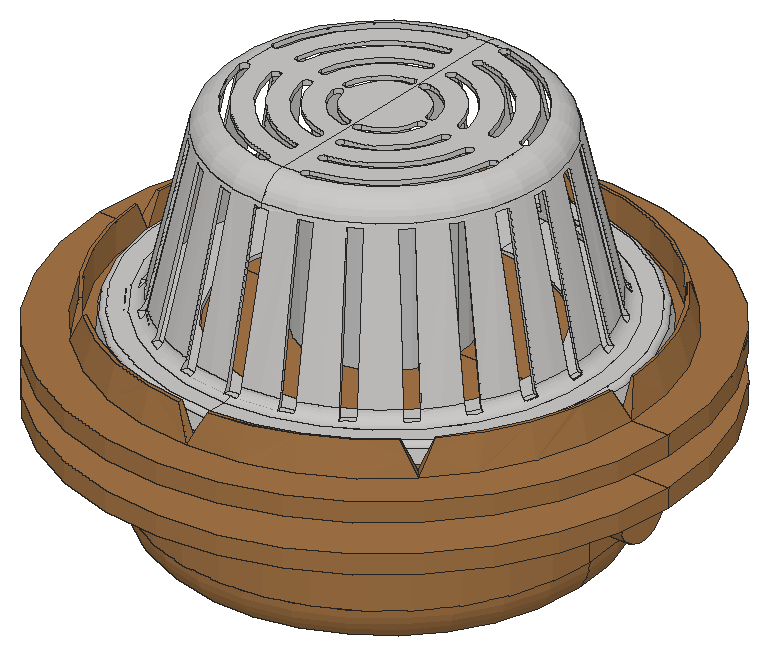
Revit family "Drain_Floor-Jay R.Smith-Round_Type-1074X_Series", category Plumbing Fixtures, Revit 2019
Family settings
  Round Connector Dimension = Use Radius
  Part Type = Normal
  OmniClass Number = 23.70.50.21.24
  OmniClass Title = Waste Water Drains
  Work Plane-Based = Yes
  Always vertical = Yes
  Cut with Voids When Loaded = No
  Shared = No
  Room Calculation Point = No
Parameters (values of type "1074L02")
  Void Height = 1/4"
  Vandal Proof Dome -U = no
  Underdeck Clamp -C = no
  Sump Receiver -R = no
  Secondary Flashing Clamp -C2 = no
  Rough Bronze Dome -RBD = no
  Position Height (XX) = 0"
  Waste Connection = yes
  Vent Connection = no
  URL = "http://www.jrsmith.com"
  Trap Primer Connection Radius = Trap Primer Connection Diameter / 2  # 1/4"
  Trap Primer Connection Diameter = 1/2"
  T - Threaded Outlet = no
  Strainer Radius = Strainer Diameter / 2  # 1 1/2"
  Strainer Diameter = 3"
  Product Page URL = "https://www.jrsmith.com/overflow-drain-standpipe-1070"
  Outlet Radius = Outlet Diameter / 2  # 1"
  Outlet Diameter = 2"
  Model = "1074L02"
  Material = "Cast Iron-Jay R. Smith-Duco Coated"  # constant formula
  Manufacturer = "Jay R. Smith"  # constant formula
  LXH - Speedi-Set Extra Heavy - 02"(50), 03"(75) & 04"(100) sizes only = no
  L - Speedi-Set Service Weight - 02"(50), 03"(75) & 04"(100) sizes only = no
  Installation Type = "Floor Mounted"  # constant formula
  IAPMO Compliance = "Meets ASME Standard A112.6.3-2001-02(50), 03(75) or 04\"(100) sizes only"
  HW Connection = no
  Galvanized Cast Iron Dome -CIDG = no
  Galvanized Cast Iron Body & Collar -G = no
  Finish = Cast Iron-Jay R. Smith-Duco Coated
  Expansion Joint (Specify Fig. 1710) = no
  E06, 6"(150) = no
  E04, 4"(100) = no
  E02, 2"(51) = no
  Dome Material = Plastic-Jay R. Smith-Polyethene
  Diameter = 15 1/4"  # constant formula
  Description = "Large General Pupose Roof Drain Adjustable Top with Standpipe"  # constant formula
  Default Elevation = 0"
  Connection Type = "2\" Speedi-Set Outlet Connection"
  XX Min Max [instance] = if([Position Height (XX)] < 1 1/4", 1 1/4", if([Position Height (XX)] > 4", 4", [Position Height (XX)]))  # 1 1/4"
  Cast Iron Standpipe -CIS = no
  Cast Iron Dome -CID = no
  CW Connection = no
  Bronze Standpipe -BZS = no
  B = 4"
  Assembly Code = "D2030300"
  Aluminum Dome -AD = no
  "L" Shaped Underdeck Clamp -CL = no
Types (21): name | Void Height | Position Height (XX) | Strainer Radius | Strainer Diameter | Outlet Radius | Outlet Diameter | Model | Connection Type | XX Min Max | B
  1074Y02 | 3/4" | 1" | 2" | 4" | 1" | 2" | "1074Y02" | "2\" No-HUB Outlet Connection" | 1 1/4" | 4"
  1074Y03 | 1/4" | 0" | 1 1/2" | 3" | 1 1/2" | 3" | "1074Y03" | "3\" No-HUB Outlet Connection" | 1 1/4" | 4"
  1074Y04 | 1/4" | 0" | 1 1/2" | 3" | 2" | 4" | "1074Y04" | "4\" No-HUB Outlet Connection" | 1 1/4" | 4"
  1074Y05 | 1/4" | 0" | 1 1/2" | 3" | 2 1/2" | 5" | "1074Y05" | "5\" No-HUB Outlet Connection" | 1 1/4" | 6"
  1074Y06 | 1/4" | 1" | 1 1/2" | 3" | 3" | 6" | "1074Y06" | "6\" No-HUB Outlet Connection" | 1 1/4" | 6"
  1074L04 | 3/4" | 1" | 2" | 4" | 2" | 4" | "1074L04" | "4\" Speedi-Set Outlet Connection" | 1 1/4" | 4"
  1074L03 | 3/4" | 2" | 2" | 4" | 1 1/2" | 3" | "1074L03" | "3\" Speedi-Set Outlet Connection" | 2" | 4"
  1074L02 | 1/4" | 0" | 1 1/2" | 3" | 1" | 2" | "1074L02" | "2\" Speedi-Set Outlet Connection" | 1 1/4" | 4"
  1074Y08 | 1/4" | 1" | 1 1/2" | 3" | 4" | 8" | "1074Y08" | "8\" No-HUB Outlet Connection" | 1 1/4" | 8"
  1074C02 | 3/4" | 6" | 2" | 4" | 1" | 2" | "1074C02" | "2\" Caulk Outlet Connection" | 4" | 4"
  1074C03 | 1/4" | 0" | 1 1/2" | 3" | 1 1/2" | 3" | "1074C03" | "3\" Caulk Outlet Connection" | 1 1/4" | 4"
  1074C04 | 1/4" | 0" | 1 1/2" | 3" | 2" | 4" | "1074C04" | "4\" Caulk Outlet Connection" | 1 1/4" | 4"
  1074C05 | 1/4" | 0" | 1 1/2" | 3" | 2 1/2" | 5" | "1074C05" | "5\" Caulk Outlet Connection" | 1 1/4" | 6"
  1074C06 | 1/4" | 1" | 1 1/2" | 3" | 3" | 6" | "1074C06" | "6\" Caulk Outlet Connection" | 1 1/4" | 6"
  1074C08 | 1/4" | 1" | 1 1/2" | 3" | 4" | 8" | "1074C08" | "8\" Caulk Outlet Connection" | 1 1/4" | 8"
  1074T02 | 3/4" | 6" | 2" | 4" | 1" | 2" | "1074T02" | "2\" Threaded Outlet Connection" | 4" | 4"
  1074T03 | 1/4" | 0" | 1 1/2" | 3" | 1 1/2" | 3" | "1074T03" | "3\" Threaded Outlet Connection" | 1 1/4" | 4"
  1074T04 | 1/4" | 0" | 1 1/2" | 3" | 2" | 4" | "1074T04" | "4\" Threaded Outlet Connection" | 1 1/4" | 4"
  1074T05 | 1/4" | 0" | 1 1/2" | 3" | 2 1/2" | 5" | "1074T05" | "5\" Threaded Outlet Connection" | 1 1/4" | 6"
  1074T06 | 1/4" | 1" | 1 1/2" | 3" | 3" | 6" | "1074T06" | "6\" Threaded Outlet Connection" | 1 1/4" | 6"
  1074T08 | 1/4" | 6" | 1 1/2" | 3" | 4" | 8" | "1074T08" | "8\" Threaded Outlet Connection" | 4" | 8"
Reference planes (in)
  plane 1 "Center (Front/Back)": y = 0
  plane 2: z = 0
  plane 3 "Center (Left/Right)": x = -0.54782
  plane 4: x = -8.17282
  plane 5: x = 7.07718
  plane 6: x = -2.04782
  plane 7: x = 0.95218
  plane 8: z = 0
  plane 9: z = 0
  plane 10: z = -5
  plane 11: z = 1.25
  plane 12: x = 1.085
  plane 13: x = -2.18063
  plane 14: x = -2.68063
  plane 15: x = 1.585
  plane 16: y = 7.625
  plane 17: y = -7.625
  plane 18: z = 2.75
  plane 19: x = -6.04782
  plane 20: z = -3.75
  plane 21: x = 1.45218
  plane 22: x = -2.54782
  plane 23: z = 4.75
  plane 24: z = 6.5
Forms (in)
  Revolve 1, solid, material "Cast Iron-Jay R. Smith-Duco Coated" <- "Finish"
    sketch origin (0, 0, -1) x (1, 0, 0) y (0, 0, 1)
      loop
        arc (-1.84469, -3.875) -> (-1.80808, -3.96339) -> (-1.71969, -4) r 0.125
        line (-1.71969, -4) -> (-1.54782, -4) -> (-1.54782, -0.25) -> (-0.54782, -0.25) -> (-0.54782, 2.25) -> (-6.88568, 2.25) -> (-6.88568, 3.05738) -> (-6.95648, 3.05738) -> (-7.17282, 2.25) -> (-8.17282, 2.25) -> (-8.17282, 1.75) -> (-6.40163, 1.20849) -> (-5.15163, 1.20849) -> (-5.15163, 1) -> (-8.17282, 1) -> (-8.17282, 0.5) -> (-6.40163, -0.04151)
        arc (-6.40163, -0.04151) -> (-6.14589, -0.22225) -> (-6.04782, -0.51966) r 0.5
        line (-6.04782, -0.51966) -> (-6.04782, -1.5625)
        arc (-6.04782, -1.5625) -> (-5.75492, -2.26961) -> (-5.04782, -2.5625) r 1
        arc (-5.04782, -2.5625) -> (-5.0066, -2.66201) -> (-4.90709, -2.70323) r 0.14073
        line (-4.90709, -2.70323) -> (-2.09469, -2.70323)
        arc (-2.09469, -2.70323) -> (-1.91791, -2.77645) -> (-1.84469, -2.95323) r 0.25
        line (-1.84469, -2.95323) -> (-1.84469, -3.875)
      axis (-0.54782, -4) -> (-0.54782, 3.05738)
    angle from 0 to 360
  Extrusion 2, solid, material "Cast Iron-Jay R. Smith-Duco Coated" <- "Finish"
    sketch origin (-0.54782, 0, 0) x (0, 1, 0) y (0, 0, 1)
      loop
        line (0.74699, -0.25) -> (-0.75, -0.25) -> (-0.75, -0.79468)
        arc (-0.75, -0.79468) -> (-0.00151, -1.54317) -> (0.74699, -0.79468) r 0.74849
        line (0.74699, -0.79468) -> (0.74699, -0.25)
    from 0 to 6.9121
  Extrusion 3, void
    sketch origin (0, 0, 0) x (1, 0, 0) y (0, 0, 1)
      loop
        line (-0.54709, 1.25) -> (-0.1706, 2.05738) -> (-0.92358, 2.05738) -> (-0.54709, 1.25)
    from -7.625 to 7.625
  Extrusion 4, void
    sketch origin (-0.16097, -0.38685, 0) x (0.707107, -0.707107, 0) y (0, 0, 1)
      loop
        line (-0.54709, 1.25) -> (-0.1706, 2.05738) -> (-0.92358, 2.05738) -> (-0.54709, 1.25)
    from -7.625 to 7.625
  Extrusion 5, void
    sketch origin (17.45291, -0.54709, 0) x (0, -1, 0) y (0, 0, 1)
      loop
        line (-0.54709, 1.25) -> (-0.1706, 2.05738) -> (-0.92358, 2.05738) -> (-0.54709, 1.25)
    from 10.37573 to 25.62573
  Extrusion 6, void
    sketch origin (-0.16097, 0.38685, 0) x (0.707107, 0.707107, 0) y (0, 0, -1)
      loop
        line (-0.54709, -1.25) -> (-0.92358, -2.05738) -> (-0.1706, -2.05738) -> (-0.54709, -1.25)
    from -7.625 to 7.625
  Revolve 7, solid, material "Plastic-Jay R. Smith-Polyethene"
    sketch origin (0, 0, 0) x (1, 0, 0) y (0, 0, 1)
      loop
        line (1.45218, 4.75) -> (1.28826, 4.75) -> (1.28826, 1.25) -> (1.45218, 1.25) -> (1.45218, 4.75)
      axis (-0.54782, 4.75) -> (-0.54782, 1.25)
    angle from 0 to 360
Cuts and joins
  Extrusion 3, Extrusion 4, Extrusion 5, Extrusion 6 cuts Revolve 1
Lines and regions (in)
  Masking region 1
    outline origin (0, 0, 0) x (1, 0, 0) y (0, 1, 0)
  Masking region 2
    outline origin (0, 0, 0) x (1, 0, 0) y (0, 1, 0)
      loop
        circle (-0.54782, 0) r 7.625
  Masking region 3
    outline origin (0, 0, 0) x (1, 0, 0) y (0, 1, 0)
      loop
        circle (-0.54782, 0) r 7.625
  symbolic lines, detail levels medium+fine
    curve 1: circle (-0.54782, 0, 0) r 4 normal (0, 0, 1)
  symbolic lines
    curve 2: circle (-0.54782, 0, 0) r 6 normal (0, 0, -1)
    curve 3: circle (-0.54782, 0, 0) r 6.625 normal (0, 0, -1)
Dimensions and locks (in)
  equal spacing: plane 5, plane 3 "Center (Left/Right)", plane 4
  "Diameter": plane 5 to plane 4
  equal spacing: plane 7, plane 3 "Center (Left/Right)", plane 6
  "Outlet Radius": Revolve 1 sketch curve to Revolve 1 sketch curve
  locked: plane 8 to plane 10 at 5
  locked: plane 3 "Center (Left/Right)" to plane 12 at 1.63281
  locked: plane 12 to plane 15 at 0.5
  plane 14 to plane 13 to plane 3 "Center (Left/Right)" = 1/2" locked, 1 81/128" locked
  equal spacing: plane 17, plane 1 "Center (Front/Back)", plane 16
  "Diameter": plane 17 to plane 16
  "XX Min Max": plane 11 to plane 8
  plane 5 to plane 3 "Center (Left/Right)" to plane 4 = 7 5/8", 7 5/8"
  locked: plane 3 "Center (Left/Right)" to plane 19 at 5.5
  plane 2 to plane 20 = 3 3/4"
  locked: Revolve 1 sketch curve to Revolve 1 sketch curve at 1
  locked: Revolve 1 sketch curve to Revolve 1 sketch curve at 0.29687
  Extrusion 2 sketch curve to plane 1 "Center (Front/Back)" to Extrusion 2 sketch curve = 3/4" locked, 0.74699" locked
  locked: Revolve 1 sketch curve to Revolve 1 sketch curve at 4.60381
  locked: Revolve 1 sketch curve to Revolve 1 sketch curve at 1.04151
  locked: Revolve 1 sketch curve to Revolve 1 sketch curve at 0.5  (x2)
  locked: Revolve 1 sketch curve to Revolve 1 sketch curve at 0.80738
  locked: Revolve 1 sketch curve to Revolve 1 sketch curve at 0.07079
  equal spacing: plane 21, plane 3 "Center (Left/Right)", plane 22
  "B": plane 21 to plane 22
  locked: plane 23 to plane 11 at 3.5
  locked: Revolve 7 sketch curve to Revolve 7 sketch curve at 0.16393
  locked: plane 24 to plane 11 at 5.25
  radius of Revolve 1 sketch curve = 1"
  radius of Revolve 1 sketch curve = 0.14073"
  radius of Revolve 1 sketch curve = 1/8"
  radius of Extrusion 2 sketch curve = 0.74849"
  radius of Revolve 1 sketch curve = 1/2"
  radius of Revolve 1 sketch curve = 1/4"
  aligned and locked: plane 10 to Revolve 1 sketch curve
  aligned and locked: Revolve 1 sketch curve to plane 3 "Center (Left/Right)"
  aligned and locked: plane 3 "Center (Left/Right)" to Revolve 1 sketch curve
  aligned and locked: plane 19 to Revolve 1 sketch curve
  aligned and locked: Revolve 1 sketch curve to plane 11
  aligned and locked: plane 4 to Revolve 1 sketch curve  (x2)
  aligned and locked: Revolve 1 sketch curve to Revolve 1 sketch curve
  aligned and locked: Revolve 1 to Extrusion 3 sketch curve  (x2)
  aligned and locked: Extrusion 3 sketch curve to Revolve 1
  aligned and locked: plane 17 to Extrusion 3
  aligned and locked: plane 16 to Extrusion 3
  aligned and locked: plane 5 to Extrusion 5
  aligned and locked: Extrusion 5 to plane 4
  aligned and locked: cut or joined group of Revolve 1, Extrusion 3, Extrusion 4, Extrusion 5, Extrusion 6 to Extrusion 6 sketch curve  (x3)
  aligned and locked: cut or joined group of Revolve 1, Extrusion 3, Extrusion 4, Extrusion 5, Extrusion 6 to Extrusion 4 sketch curve  (x3)
  aligned and locked: Extrusion 5 sketch curve to cut or joined group of Revolve 1, Extrusion 3, Extrusion 4, Extrusion 5, Extrusion 6  (x3)
  aligned and locked: plane 3 "Center (Left/Right)" to nested 1
  aligned and locked: Revolve 7 sketch curve to plane 21
  aligned and locked: nested 1 to Revolve 7 sketch curve
  aligned and locked: plane 23 to Revolve 7 sketch curve
  aligned and locked: Revolve 7 sketch curve to plane 3 "Center (Left/Right)"
  aligned and locked: Masking region 3 sketch curve to cut or joined group of Revolve 1, Extrusion 3, Extrusion 4, Extrusion 5, Extrusion 6
  aligned and locked: curve 3 to cut or joined group of Revolve 1, Extrusion 3, Extrusion 4, Extrusion 5, Extrusion 6
Automatic sketch dimensions
  plane 1 "Center (Front/Back)" to Masking region 2 sketch curve = 0"
  Masking region 2 sketch curve to plane 3 "Center (Left/Right)" = 0"
  Extrusion 2 sketch curve to level = 0.79468"
  Extrusion 2 sketch curve to level = 1/4"
  Extrusion 3 sketch curve to plane 3 "Center (Left/Right)" = 0.37576"
  plane 3 "Center (Left/Right)" to Extrusion 3 sketch curve = 0.00073"
  plane 3 "Center (Left/Right)" to Extrusion 3 sketch curve = 0.37721"
  Extrusion 4 sketch curve to Extrusion 4 sketch curve = 0.37649"
  Extrusion 4 sketch curve to Extrusion 4 sketch curve = 0.75297"
  Extrusion 5 sketch curve to plane 1 "Center (Front/Back)" = 0"
  Extrusion 5 sketch curve to plane 1 "Center (Front/Back)" = 0.37649"
  plane 1 "Center (Front/Back)" to Extrusion 5 sketch curve = 0.37649"
  Extrusion 6 sketch curve to Extrusion 6 sketch curve = 0.37649"
  Extrusion 6 sketch curve to Extrusion 6 sketch curve = 0.75297"
  plane 23 to Revolve 7 sketch curve = 2 1/4"
  Revolve 7 sketch curve to Revolve 7 sketch curve = 1"
  curve 1 to curve 2 = 0"  (x2)
  curve 1 to curve 3 = 0"  (x2)
  Revolve 1 sketch curve to level = 0"
  Revolve 1 sketch curve to Revolve 1 sketch curve = 1"
  Revolve 1 sketch curve to Revolve 1 sketch curve = 0.21634"
  Revolve 1 sketch curve to plane 19 = 0.35381"  (x2)
  Revolve 1 sketch curve to plane 20 = 0.20323"
  Revolve 1 sketch curve to Revolve 1 sketch curve = 1.04284"
  Revolve 1 sketch curve to level = 1 1/4"
  Revolve 1 sketch curve to plane 10 = 2"
  Revolve 1 sketch curve to Revolve 1 sketch curve = 1.08144"
  radius of Masking region 2 sketch curve = 7 5/8"
  radius of curve 1 = 4"
  radius of curve 2 = 6"
Nested families (in)
  nested 1: "DOME" at (-0.54782, 0.02487, 1.25) x (0, 1, 0) z (0, 0, 1), type "Dome"
Connectors (in)
  piping at (-0.54782, 0, -5), diameter 2, driven by "Outlet Radius", driven by "Connection Type"
    settings: on Revolve 1, index 1, connector inside diameter 24", connector length 0", flow factor 0, pipe flow 0 GPM, pressure drop 0.00 psi, fitting loss kfactor 0, connector angle 0.00°, fixture units 0, engagement length 0", angle of deflection 0.00°, flow configuration 0, flow direction 2, fitting loss method 0, system type 16, joint type 0, gender type 0, connector reference index -1, connector utility 0, adjustable connector no, is connector primary yes, connector description "2\" Speedi-Set Outlet Connection"
Definition of nested family "DOME"
  Parameters (values of type "Dome")
    Waste Connection = yes
    WFU = 0
    Vent Connection = no
    URL = ""
    Model = "Dome"
    Manufacturer = ""
    HW Connection = no
    Finish = none
    Description = ""
    Default Elevation = 0"
    Connection Radius = 2"
    CW Connection = no
  Reference planes (in)
    plane 1 "Center (Front/Back)": y = 0
    plane 2: z = 0
    plane 3 "Center (Left/Right)": x = 0
    plane 4: x = -6.1875
    plane 5: x = 6.1875
    plane 6: x = 3.875
    plane 7: x = -3.875
    plane 8: x = -3.375
    plane 9: x = 3.375
    plane 10: x = -4.09375
    plane 11: x = 4.09375
    plane 12: x = 2.20312
    plane 13: x = -2.20312
    plane 14: x = 1.98437
    plane 15: x = -1.98437
    plane 16: x = 5.125
    plane 17: x = -5.125
    plane 18: x = -5.71875
    plane 19: x = 5.71875
    plane 20: x = 7.0625
    plane 21: x = -7.0625
    plane 22: x = 6.5625
    plane 23: x = -6.5625
    plane 24: through (1.15564, -4.31289, 48) normal (0.9659, 0.2588, 0)
    plane 25: through (-1.15564, -4.31289, 48) normal (0.9659, -0.2588, 0)
    plane 26: through (-1.15564, -4.31289, 48) normal (0.9659, -0.2588, 0)
    plane 27: through (1.15564, 4.31289, 48) normal (-0.9659, 0.2588, 0)
    plane 28: through (-1.15564, 4.31289, 48) normal (-0.9659, -0.2588, 0)
    plane 29: through (2.23252, -3.86683, 48) normal (0.866, 0.5, 0)
    plane 30: through (2.23252, 3.86683, 48) normal (-0.866, 0.5, 0)
    plane 31: through (-3.15726, 3.15726, 48) normal (-0.7071, -0.7071, 0)
    plane 32: through (3.15726, 3.15726, 48) normal (-0.7071, 0.7071, 0)
    plane 33: through (-4.31289, 1.15564, 48) normal (-0.2588, -0.9659, 0)
    plane 34: through (3.86683, -2.23252, 48) normal (0.5, 0.866, 0)
    plane 35: through (4.31289, 1.15564, 48) normal (-0.2588, 0.9659, 0)
    plane 36: through (-3.86683, -2.23252, 48) normal (0.5, -0.866, 0)
    plane 37: through (0, 0, 48) normal (0.9914, 0.1305, 0)
    plane 38: z = 2
    plane 39: z = 1.8125
    plane 40: z = -4
    plane 41: z = 2.0625
    plane 42: z = -1.75
    plane 43: z = 0.6875
    plane 44: z = -1.53125
    plane 45: z = 2.5625
    plane 46: z = 3.25
    plane 47: z = 6
    plane 48: z = -6.25
    plane 49: z = 5.70987
  Forms (in)
    Extrusion 1, solid
      sketch origin (0, 0, 0) x (1, 0, 0) y (0, 1, 0)
        loop
          line (-48, 48) -> (-48, -48) -> (48, -48) -> (48, 48) -> (-48, 48)
      from 0 to -12
    Revolve 2, solid, material <- "Finish"
      sketch origin (0, 0, 6.25) x (1, 0, 0) y (0, 0, 1)
        loop
          line (3.875, -6.25) -> (6.08403, -6.25) -> (6.00528, -5.9089)
          arc (6.00528, -5.9089) -> (5.95137, -5.82345) -> (5.85597, -5.79013) r 0.15323
          line (5.85597, -5.79013) -> (5.38524, -5.79013)
          arc (5.38524, -5.79013) -> (5.15572, -5.70998) -> (5.026, -5.50438) r 0.36869
          line (5.026, -5.50438) -> (4.11306, -1.55004)
          arc (4.11306, -1.55004) -> (3.86336, -1.15428) -> (3.42157, -1) r 0.70968
          line (3.42157, -1) -> (0, -1) -> (0, -1.10351) -> (3.29898, -1.10351)
          arc (3.29898, -1.10351) -> (3.80423, -1.27995) -> (4.08981, -1.73257) r 0.81164
          line (4.08981, -1.73257) -> (5.05009, -5.892) -> (5.48223, -5.892) -> (5.48223, -6.15529) -> (3.875, -6.15529) -> (3.875, -6.25)
        axis (0, -1) -> (0, -6.25)
      angle from 0 to 360
    Extrusion 3, void
      sketch origin (0, 0, 6.25) x (1, 0, 0) y (0, 1, 0)
        loop
          arc (0.44843, -2.71319) -> (1.94454, -1.94454) -> (2.71319, -0.44843) r 2.75
          arc (2.71319, -0.44843) -> (2.60981, -0.30738) -> (2.46654, -0.40766) r 0.12503
          arc (2.46654, -0.40766) -> (1.76777, -1.76777) -> (0.40766, -2.46654) r 2.5
          arc (0.40766, -2.46654) -> (0.30738, -2.60981) -> (0.44843, -2.71319) r 0.12503
        loop
          arc (0.329, -1.97275) -> (1.41421, -1.41421) -> (1.97275, -0.329) r 2
          arc (1.97275, -0.329) -> (1.87186, -0.18543) -> (1.72678, -0.28413) r 0.12503
          arc (1.72678, -0.28413) -> (1.23744, -1.23744) -> (0.28413, -1.72678) r 1.75
          arc (0.28413, -1.72678) -> (0.18543, -1.87186) -> (0.329, -1.97275) r 0.12503
        loop
          arc (0.20562, -1.23297) -> (0.88388, -0.88388) -> (1.23297, -0.20562) r 1.25
          arc (1.23297, -0.20562) -> (1.12842, -0.06144) -> (0.98577, -0.16809) r 0.12503
          arc (0.98577, -0.16809) -> (0.70453, -0.70968) -> (0.16091, -0.98697) r 1
          arc (0.16091, -0.98697) -> (0.06204, -1.132) -> (0.20562, -1.23297) r 0.12503
        loop
          arc (0.57072, -3.45315) -> (2.47487, -2.47487) -> (3.45315, -0.57072) r 3.5
          arc (3.45315, -0.57072) -> (3.34977, -0.42968) -> (3.2065, -0.52996) r 0.12503
          arc (3.2065, -0.52996) -> (2.2981, -2.2981) -> (0.52996, -3.2065) r 3.25
          arc (0.52996, -3.2065) -> (0.42968, -3.34977) -> (0.57072, -3.45315) r 0.12503
        loop
          arc (0.44843, 2.71319) -> (0.30738, 2.60981) -> (0.40766, 2.46654) r 0.12503
          arc (0.40766, 2.46654) -> (1.76777, 1.76777) -> (2.46654, 0.40766) r 2.5
          arc (2.46654, 0.40766) -> (2.60981, 0.30738) -> (2.71319, 0.44843) r 0.12503
          arc (2.71319, 0.44843) -> (1.94454, 1.94454) -> (0.44843, 2.71319) r 2.75
        loop
          arc (0.329, 1.97275) -> (0.18543, 1.87186) -> (0.28413, 1.72678) r 0.12503
          arc (0.28413, 1.72678) -> (1.23744, 1.23744) -> (1.72678, 0.28413) r 1.75
          arc (1.72678, 0.28413) -> (1.87186, 0.18543) -> (1.97275, 0.329) r 0.12503
          arc (1.97275, 0.329) -> (1.41421, 1.41421) -> (0.329, 1.97275) r 2
        loop
          arc (0.20562, 1.23297) -> (0.06204, 1.132) -> (0.16091, 0.98697) r 0.12503
          arc (0.16091, 0.98697) -> (0.70453, 0.70968) -> (0.98577, 0.16809) r 1
          arc (0.98577, 0.16809) -> (1.12842, 0.06144) -> (1.23297, 0.20562) r 0.12503
          arc (1.23297, 0.20562) -> (0.88388, 0.88388) -> (0.20562, 1.23297) r 1.25
        loop
          arc (0.57072, 3.45315) -> (0.42968, 3.34977) -> (0.52996, 3.2065) r 0.12503
          arc (0.52996, 3.2065) -> (2.2981, 2.2981) -> (3.2065, 0.52996) r 3.25
          arc (3.2065, 0.52996) -> (3.34977, 0.42968) -> (3.45315, 0.57072) r 0.12503
          arc (3.45315, 0.57072) -> (2.47487, 2.47487) -> (0.57072, 3.45315) r 3.5
        loop
          arc (-0.44843, -2.71319) -> (-0.30738, -2.60981) -> (-0.40766, -2.46654) r 0.12503
          arc (-0.40766, -2.46654) -> (-1.76777, -1.76777) -> (-2.46654, -0.40766) r 2.5
          arc (-2.46654, -0.40766) -> (-2.60981, -0.30738) -> (-2.71319, -0.44843) r 0.12503
          arc (-2.71319, -0.44843) -> (-1.94454, -1.94454) -> (-0.44843, -2.71319) r 2.75
        loop
          arc (-0.329, -1.97275) -> (-0.18543, -1.87186) -> (-0.28413, -1.72678) r 0.12503
          arc (-0.28413, -1.72678) -> (-1.23744, -1.23744) -> (-1.72678, -0.28413) r 1.75
          arc (-1.72678, -0.28413) -> (-1.87186, -0.18543) -> (-1.97275, -0.329) r 0.12503
          arc (-1.97275, -0.329) -> (-1.41421, -1.41421) -> (-0.329, -1.97275) r 2
        loop
          arc (-0.20562, -1.23297) -> (-0.06204, -1.132) -> (-0.16091, -0.98697) r 0.12503
          arc (-0.16091, -0.98697) -> (-0.70453, -0.70968) -> (-0.98577, -0.16809) r 1
          arc (-0.98577, -0.16809) -> (-1.12842, -0.06144) -> (-1.23297, -0.20562) r 0.12503
          arc (-1.23297, -0.20562) -> (-0.88388, -0.88388) -> (-0.20562, -1.23297) r 1.25
        loop
          arc (-0.57072, -3.45315) -> (-0.42968, -3.34977) -> (-0.52996, -3.2065) r 0.12503
          arc (-0.52996, -3.2065) -> (-2.2981, -2.2981) -> (-3.2065, -0.52996) r 3.25
          arc (-3.2065, -0.52996) -> (-3.34977, -0.42968) -> (-3.45315, -0.57072) r 0.12503
          arc (-3.45315, -0.57072) -> (-2.47487, -2.47487) -> (-0.57072, -3.45315) r 3.5
        loop
          arc (-0.44843, 2.71319) -> (-1.94454, 1.94454) -> (-2.71319, 0.44843) r 2.75
          arc (-2.71319, 0.44843) -> (-2.60981, 0.30738) -> (-2.46654, 0.40766) r 0.12503
          arc (-2.46654, 0.40766) -> (-1.76777, 1.76777) -> (-0.40766, 2.46654) r 2.5
          arc (-0.40766, 2.46654) -> (-0.30738, 2.60981) -> (-0.44843, 2.71319) r 0.12503
        loop
          arc (-0.329, 1.97275) -> (-1.41421, 1.41421) -> (-1.97275, 0.329) r 2
          arc (-1.97275, 0.329) -> (-1.87186, 0.18543) -> (-1.72678, 0.28413) r 0.12503
          arc (-1.72678, 0.28413) -> (-1.23744, 1.23744) -> (-0.28413, 1.72678) r 1.75
          arc (-0.28413, 1.72678) -> (-0.18543, 1.87186) -> (-0.329, 1.97275) r 0.12503
        loop
          arc (-0.20562, 1.23297) -> (-0.88388, 0.88388) -> (-1.23297, 0.20562) r 1.25
          arc (-1.23297, 0.20562) -> (-1.12842, 0.06144) -> (-0.98577, 0.16809) r 0.12503
          arc (-0.98577, 0.16809) -> (-0.70453, 0.70968) -> (-0.16091, 0.98697) r 1
          arc (-0.16091, 0.98697) -> (-0.06204, 1.132) -> (-0.20562, 1.23297) r 0.12503
        loop
          arc (-0.57072, 3.45315) -> (-2.47487, 2.47487) -> (-3.45315, 0.57072) r 3.5
          arc (-3.45315, 0.57072) -> (-3.34977, 0.42968) -> (-3.2065, 0.52996) r 0.12503
          arc (-3.2065, 0.52996) -> (-2.2981, 2.2981) -> (-0.52996, 3.2065) r 3.25
          arc (-0.52996, 3.2065) -> (-0.42968, 3.34977) -> (-0.57072, 3.45315) r 0.12503
      from -1.66198 to -0.25663
    Extrusion 4, void
      sketch origin (-0.43301, 0.25, -0.07632) x (0.5, 0.866025, 0) y (0, 0, 1)
        loop
          line (-0.1875, 0.59953) -> (0.1875, 0.59953) -> (0.1875, 4.66434) -> (-0.1875, 4.66434) -> (-0.1875, 0.59953)
      from -5.07939 to 6.07939
    Extrusion 5, void
      sketch origin (-0.12941, 0.48296, -0.07632) x (0.965926, 0.258819, 0) y (0, 0, 1)
        loop
          line (-0.1875, 0.59953) -> (0.1875, 0.59953) -> (0.1875, 4.66434) -> (-0.1875, 4.66434) -> (-0.1875, 0.59953)
      from -5.07939 to 6.07939
    Extrusion 6, void
      sketch origin (0.12941, 0.48296, -0.07632) x (-0.965926, 0.258819, 0) y (0, 0, -1)
        loop
          line (-0.1875, -0.59953) -> (-0.1875, -4.66434) -> (0.1875, -4.66434) -> (0.1875, -0.59953) -> (-0.1875, -0.59953)
      from -5.07939 to 6.07939
    Extrusion 7, void
      sketch origin (0.48296, 0.12941, -0.07632) x (-0.258819, 0.965926, 0) y (0, 0, -1)
        loop
          line (-0.1875, -0.59953) -> (-0.1875, -4.66434) -> (0.1875, -4.66434) -> (0.1875, -0.59953) -> (-0.1875, -0.59953)
      from -5.07939 to 6.07939
    Extrusion 8, void
      sketch origin (0.35355, 0.35355, -0.07632) x (0.707107, -0.707107, 0) y (0, 0, 1)
        loop
          line (-0.1875, 0.59953) -> (0.1875, 0.59953) -> (0.1875, 4.66434) -> (-0.1875, 4.66434) -> (-0.1875, 0.59953)
      from -5.07939 to 6.07939
    Extrusion 9, void
      sketch origin (0.5, 0, -0.07632) x (0, -1, 0) y (0, 0, 1)
        loop
          line (-0.1875, 0.59953) -> (0.1875, 0.59953) -> (0.1875, 4.66434) -> (-0.1875, 4.66434) -> (-0.1875, 0.59953)
      from -5.07939 to 6.07939
    Extrusion 10, void
      sketch origin (0.25, 0.43301, -0.07632) x (0.866025, -0.5, 0) y (0, 0, 1)
        loop
          line (-0.1875, 0.59953) -> (0.1875, 0.59953) -> (0.1875, 4.66434) -> (-0.1875, 4.66434) -> (-0.1875, 0.59953)
      from -5.07939 to 6.07939
    Extrusion 11, void
      sketch origin (0.48296, -0.12941, -0.07632) x (-0.258819, -0.965926, 0) y (0, 0, 1)
        loop
          line (-0.1875, 0.59953) -> (0.1875, 0.59953) -> (0.1875, 4.66434) -> (-0.1875, 4.66434) -> (-0.1875, 0.59953)
      from -5.07939 to 6.07939
    Extrusion 12, void
      sketch origin (-0.25, 0.43301, -0.07632) x (-0.866025, -0.5, 0) y (0, 0, -1)
        loop
          line (-0.1875, -0.59953) -> (-0.1875, -4.66434) -> (0.1875, -4.66434) -> (0.1875, -0.59953) -> (-0.1875, -0.59953)
      from -5.07939 to 6.07939
    Extrusion 13, void
      sketch origin (0.35355, -0.35355, -0.07632) x (0.707107, 0.707107, 0) y (0, 0, -1)
        loop
          line (-0.1875, -0.59953) -> (-0.1875, -4.66434) -> (0.1875, -4.66434) -> (0.1875, -0.59953) -> (-0.1875, -0.59953)
      from -5.07939 to 6.07939
    Extrusion 14, void
      sketch origin (0, 0.5, -0.07632) x (1, 0, 0) y (0, 0, 1)
        loop
          line (-0.1875, 0.59953) -> (0.1875, 0.59953) -> (0.1875, 4.66434) -> (-0.1875, 4.66434) -> (-0.1875, 0.59953)
      from -5.07939 to 6.07939
    Extrusion 15, void
      sketch origin (0.43301, 0.25, -0.07632) x (-0.5, 0.866025, 0) y (0, 0, -1)
        loop
          line (-0.1875, -0.59953) -> (-0.1875, -4.66434) -> (0.1875, -4.66434) -> (0.1875, -0.59953) -> (-0.1875, -0.59953)
      from -5.07939 to 6.07939
  Cuts and joins
    Extrusion 3, Extrusion 4, Extrusion 5, Extrusion 6, Extrusion 7, Extrusion 8, Extrusion 9, Extrusion 10, Extrusion 11, Extrusion 12, Extrusion 13, Extrusion 14, Extrusion 15 cuts Revolve 2
  Dimensions and locks (in)
    plane 5 to plane 4 = 12 3/8"
    plane 7 to plane 6 = 7 3/4"
    plane 7 to plane 8 = 1/2"
    plane 10 to plane 7 = 7/32"
    plane 13 to plane 12 = 4 13/32"
    plane 15 to plane 14 = 3 31/32"
    plane 16 to plane 17 = 10 1/4"
    plane 18 to plane 19 = 11 7/16"
    plane 20 to plane 21 = 14 1/8"
    plane 22 to plane 23 = 13 1/8"
    plane 47 to plane 2 = 6"  (x3)
    plane 2 to plane 48 = 6 1/4"
    plane 49 to plane 2 = 5.70987"
    radius of Revolve 2 sketch curve = 0.36869"
    radius of Revolve 2 sketch curve = 0.81164"
    radius of Revolve 2 sketch curve = 0.70968"
    aligned and locked: plane 2 to Extrusion 1
    aligned and locked: level to Extrusion 1
    aligned and locked: Extrusion 14 to Extrusion 5
    aligned and locked: Extrusion 14 to Extrusion 12
    aligned and locked: Extrusion 13 to Extrusion 14
    aligned and locked: Extrusion 6 to Extrusion 14
    aligned and locked: Extrusion 14 to Extrusion 4
    aligned and locked: Extrusion 11 to Extrusion 14
    aligned and locked: Extrusion 9 to Extrusion 14
    aligned and locked: Extrusion 10 to Extrusion 14
    aligned and locked: Extrusion 8 to Extrusion 14
    aligned and locked: Extrusion 7 to Extrusion 14
    aligned and locked: Extrusion 15 to Extrusion 14
    aligned and locked: Extrusion 5 to Extrusion 14
    aligned and locked: Extrusion 12 to Extrusion 5
    aligned and locked: Extrusion 13 to Extrusion 5
    aligned and locked: Extrusion 4 to Extrusion 5
    aligned and locked: Extrusion 4 to Extrusion 6
    aligned and locked: cut or joined group 1 (Revolve 2, Extrusion 3, Extrusion 4, Extrusion 5, Extrusion 6, Extrusion 7, Extrusion 8, Extrusion 9, Extrusion 10, Extrusion 11, Extrusion 12, Extrusion 13, Extrusion 14, Extrusion 15) to Extrusion 10
    aligned and locked: cut or joined group 1 to Extrusion 8
    aligned and locked: cut or joined group 1 to Extrusion 15
    aligned and locked: cut or joined group 1 to Extrusion 7
    aligned and locked: Extrusion 11 to cut or joined group 1
    aligned and locked: Extrusion 9 to cut or joined group 1
    aligned and locked: Revolve 2 sketch curve to plane 3 "Center (Left/Right)"
